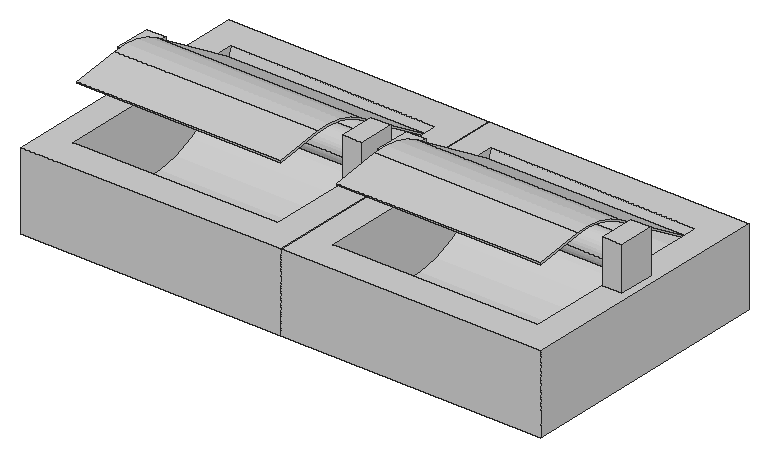
Revit family "ToiletPaperDispenser_Metlam_Double_Recessed", category Generic Models, host Face, Revit 2013
Parameters (values of type "Metlam Double Recessed - Hood / Satin")
  Width = 322 mm
  URL = "http://www.metlam.com.au/products/washroom/123"
  StyleOrType_ANZRS = "Sanitary Ware"
  Product Code = "ML 263 S"
  ModifiedIssue_ANZRS = 130318.01
  Model = "Double Recessed- Hood / Satin"
  Material Main = Stainless Steel, Satin
  Material Minor = PC/ABS Plastic
  Manufacturer = "Metlam"
  Keywords = "CAPACITY Dispenses two 1500 sheet roll"
  Hood = yes
  Height = 161 mm
  FilterObject_ANZRS = "Toilet Paper Dispenser"
  Description = "Stainless Steel Toilet Paper Dispenser"
  Depth = 75 mm
  Default Elevation = 1219.2 mm
  CreatedBy_ANZRS = "RubySketch"
  CreatedByURL_ANZRS = "http://www.rubysketch.com/"
  CreatedByPhoneNo_ANZRS = "1300 844 728"
  Assembly Code = "E1090900"
Types (5, lengths in mm): name | Product Code | Model | Material Main | Hood
  (no name) | "ML 263 S" | "Double Recessed- Hood / Satin" | Stainless Steel, Satin | yes
  Metlam Double Recessed - no Hood / Satin | "ML 262 S" | "Double Recessed - no Hood / Satin" | Stainless Steel, Satin | no
  Metlam Double Recessed - no Hood / Bright | "ML 262 B" | "Double Recessed - no Hood / Bright" | Stainless Steel, Polished | no
  Metlam Double Recessed - Hood / Satin | "ML 263 S" | "Double Recessed- Hood / Satin" | Stainless Steel, Satin | yes
  Metlam Double Recessed - Hood / Bright | "ML 263 B" | "Double Recessed - Hood / Bright" | Stainless Steel, Polished | yes
Reference planes
  plane 1 "Center (Front/Back)": y = 0
  plane 2: z = 0
  plane 3 "Center (Left/Right)": x = 0
Forms (mm)
  Extrusion 1, solid, material "Stainless Steel, Satin" <- "Material Main", detail levels fine
    sketch origin (-80.5, 0, 0) x (1, 0, 0) y (0, 1, 0)
      loop
        line (-80.5, -80.5) -> (80.5, -80.5) -> (80.5, 80.5) -> (-80.5, 80.5) -> (-80.5, -80.5)
    from 0 to -48
  Extrusion 2, void
    sketch origin (0, 0, -48) x (0, 1, 0) y (0, 0, 1)
      loop
        circle (0, 67) r 64
    from -17 to -144
  Extrusion 3, solid, material "Stainless Steel, Satin" <- "Material Main", detail levels fine
    sketch origin (-80.5, 0, 0) x (1, 0, 0) y (0, 1, 0)
      loop
        line (-63.5, -11) -> (-63.5, 11) -> (-75.5, 11) -> (-75.5, -11) -> (-63.5, -11)
      loop
        line (63.5, -11) -> (75.5, -11) -> (75.5, 11) -> (63.5, 11) -> (63.5, -11)
    from 0 to 27
  Revolve 4, solid, material "Stainless Steel, Satin" <- "Material Main", detail levels fine
    sketch origin (-80.5, 0, 13.5) x (-1, 0, 0) y (0, -1, 0)
      loop
        line (63.5, 0) -> (-63.5, 0) -> (-63.5, -9) -> (0, -9) -> (0, -10.5) -> (63.5, -10.5) -> (63.5, 0)
      axis (63.5, 0) -> (-63.5, 0)
    angle from 0 to 360
  Extrusion 5, solid, material "Stainless Steel, Satin" <- "Material Main", visible <- "Hood", detail levels fine
    sketch origin (0, 0, -48) x (0, -1, 0) y (0, 0, -1)
      loop
        line (-56.5, -45) -> (-3.5, -78)
        arc (-3.5, -78) -> (12.385, -84.399) -> (29.5, -85) r 49.478
        arc (29.5, -85) -> (43.998, -82.987) -> (58.5, -81) r 8179.705
        line (58.5, -81) -> (58.365, -80.009)
        arc (58.365, -80.009) -> (43.862, -81.996) -> (29.362, -84.01) r 8180.705
        arc (29.362, -84.01) -> (12.593, -83.421) -> (-2.971, -77.151) r 48.478
        line (-2.971, -77.151) -> (-55.971, -44.151) -> (-56.5, -45)
    from -143.5 to -17.5
  Extrusion 6, void
    sketch origin (-154.766, 0, 0) x (1, 0, 0) y (0, 1, 0)
      loop
        line (-6.234, -80.5) -> (315.766, -80.5) -> (315.766, 80.5) -> (-6.234, 80.5) -> (-6.234, -80.5)
    from -48 to 0
  Extrusion 7, solid, material "Stainless Steel, Satin" <- "Material Main", detail levels fine
    sketch origin (80.5, 0, 0) x (-1, 0, 0) y (0, -1, 0)
      loop
        line (-80.5, 80.5) -> (-80.5, -80.5) -> (80.5, -80.5) -> (80.5, 80.5) -> (-80.5, 80.5)
    from 0 to -48
  Extrusion 8, void
    sketch origin (0, 0, -48) x (0, 1, 0) y (0, 0, -1)
      loop
        circle (0, -67) r 64
    from -17 to -144
  Extrusion 9, solid, material "Stainless Steel, Satin" <- "Material Main", visible <- "Hood", detail levels fine
    sketch origin (0, 0, -48) x (0, -1, 0) y (0, 0, 1)
      loop
        line (-56.5, 45) -> (-55.971, 44.151) -> (-2.971, 77.151)
        arc (-2.971, 77.151) -> (12.593, 83.421) -> (29.362, 84.01) r 48.478
        arc (29.362, 84.01) -> (43.862, 81.996) -> (58.365, 80.009) r 8180.705
        line (58.365, 80.009) -> (58.5, 81)
        arc (58.5, 81) -> (43.998, 82.987) -> (29.5, 85) r 8179.705
        arc (29.5, 85) -> (12.385, 84.399) -> (-3.5, 78) r 49.478
        line (-3.5, 78) -> (-56.5, 45)
    from -143.5 to -17.5
  Extrusion 10, solid, material "Stainless Steel, Satin" <- "Material Main", detail levels fine
    sketch origin (80.5, 0, 0) x (-1, 0, 0) y (0, -1, 0)
      loop
        line (-63.5, 11) -> (-75.5, 11) -> (-75.5, -11) -> (-63.5, -11) -> (-63.5, 11)
      loop
        line (63.5, 11) -> (63.5, -11) -> (75.5, -11) -> (75.5, 11) -> (63.5, 11)
    from 0 to 27
  Revolve 11, solid, material "Stainless Steel, Satin" <- "Material Main", detail levels fine
    sketch origin (80.5, 0, 13.5) x (1, 0, 0) y (0, 1, 0)
      loop
        line (-63.5, 0) -> (-63.5, -10.5) -> (0, -10.5) -> (0, -9) -> (63.5, -9) -> (63.5, 0) -> (-63.5, 0)
      axis (-63.5, 0) -> (63.5, 0)
    angle from 0 to 360
Cuts and joins
  Extrusion 2, Extrusion 8 cuts Extrusion 1
  Extrusion 8 cuts Extrusion 3
  Extrusion 8 cuts Revolve 4
  joined: Extrusion 3, Revolve 4
  Extrusion 8 cuts Extrusion 5
  Extrusion 8 cuts Extrusion 7
Lines and regions (mm)
  Masking region 1
    outline origin (0, 0, 0) x (1, 0, 0) y (0, 0, 1)
      loop
        line (-161, 0) -> (-161, -48) -> (161, -48) -> (161, 0) -> (-161, 0)
  Masking region 2
    outline origin (0, 0, -48) x (1, 0, 0) y (0, 0, 1)
      loop
        line (-144, 51) -> (-80.5, 51) -> (-80.5, 72) -> (-144, 72) -> (-144, 51)
  Masking region 3
    outline origin (0, 0, -48) x (1, 0, 0) y (0, 0, 1)
      loop
        line (-80.5, 52.5) -> (-17, 52.5) -> (-17, 70.5) -> (-80.5, 70.5) -> (-80.5, 52.5)
  Masking region 4
    outline origin (0, 0, 0) x (1, 0, 0) y (0, 0, 1)
      loop
        line (-156, 0) -> (-144, 0) -> (-144, 27) -> (-156, 27) -> (-156, 0)
      loop
        line (-17, 0) -> (-5, 0) -> (-5, 27) -> (-17, 27) -> (-17, 0)
      loop
        line (5, 0) -> (17, 0) -> (17, 27) -> (5, 27) -> (5, 0)
      loop
        line (144, 0) -> (156, 0) -> (156, 27) -> (144, 27) -> (144, 0)
  Masking region 5
    outline origin (161, 0, 75) x (1, 0, 0) y (0, 0, -1)
      loop
        line (-144, 51) -> (-80.5, 51) -> (-80.5, 72) -> (-144, 72) -> (-144, 51)
  Masking region 6
    outline origin (161, 0, 75) x (1, 0, 0) y (0, 0, -1)
      loop
        line (-80.5, 52.5) -> (-17, 52.5) -> (-17, 70.5) -> (-80.5, 70.5) -> (-80.5, 52.5)
  Masking region 7, visible <- "Hood"
    outline origin (0, 0, 0) x (1, 0, 0) y (0, 0, 1)
      loop
        line (-143.5, 37.476) -> (-143.5, 0) -> (-17.5, 0) -> (-17.5, 37.476) -> (-143.5, 37.476)
      loop
        line (143.5, 37.476) -> (17.5, 37.476) -> (17.5, 0) -> (143.5, 0) -> (143.5, 37.476)
Dimensions and locks
  equal spacing: Extrusion 1 sketch curve, plane 1 "Center (Front/Back)", Extrusion 1 sketch curve
  "Height": Extrusion 1 sketch curve to Extrusion 1 sketch curve  (x2)
  "Height": Extrusion 7 sketch curve to Extrusion 7 sketch curve  (x2)
  aligned and locked: plane 2 to host face
  aligned and locked: level to host face
  aligned and locked: Masking region 1 sketch curve to cut or joined group of Extrusion 1, Extrusion 2, Extrusion 8  (x2)
  aligned and locked: cut or joined group of Extrusion 1, Extrusion 2, Extrusion 8 to Masking region 1 sketch curve
  aligned and locked: Masking region 2 sketch curve to cut or joined group of Extrusion 3, Revolve 4, Extrusion 8  (x2)
  aligned and locked: Masking region 3 sketch curve to cut or joined group of Extrusion 3, Revolve 4, Extrusion 8  (x2)
Automatic sketch dimensions
  host sketch curve to host sketch curve = 2437.456 mm
  host sketch curve to host sketch curve = 2438.4 mm
  Extrusion 1 sketch curve to plane 3 "Center (Left/Right)" = 0 mm
  Extrusion 2 sketch curve to plane 1 "Center (Front/Back)" = 0 mm
  level to Extrusion 2 sketch curve = 19 mm
  plane 1 "Center (Front/Back)" to Extrusion 3 sketch curve = 11 mm  (x2)
  Extrusion 3 sketch curve to plane 3 "Center (Left/Right)" = 156 mm
  Extrusion 3 sketch curve to plane 3 "Center (Left/Right)" = 5 mm
  Extrusion 3 sketch curve to Extrusion 3 sketch curve = 12 mm  (x2)
  Extrusion 3 sketch curve to plane 1 "Center (Front/Back)" = 11 mm  (x2)
  plane 1 "Center (Front/Back)" to Revolve 4 sketch curve = 0 mm  (x2)
  Revolve 4 sketch curve to plane 3 "Center (Left/Right)" = 17 mm
  Revolve 4 sketch curve to plane 1 "Center (Front/Back)" = 10.5 mm
  Revolve 4 sketch curve to plane 1 "Center (Front/Back)" = 9 mm
  Revolve 4 sketch curve to Revolve 4 sketch curve = 63.5 mm  (x2)
  Revolve 4 sketch curve to Revolve 4 sketch curve = 11.982 mm
  Revolve 4 sketch curve to Revolve 4 sketch curve = 17.791 mm
  plane 3 "Center (Left/Right)" to Masking region 1 sketch curve = 161 mm
  level to Masking region 2 sketch curve = 3 mm
  Masking region 2 sketch curve to Masking region 2 sketch curve = 21 mm
  level to Masking region 3 sketch curve = 4.5 mm
  Masking region 3 sketch curve to Masking region 3 sketch curve = 18 mm
  Extrusion 5 sketch curve to Extrusion 5 sketch curve = 0 mm  (x5)
  level to Extrusion 5 sketch curve = 3 mm
  plane 1 "Center (Front/Back)" to Extrusion 5 sketch curve = 56.5 mm
  level to Extrusion 5 sketch curve = 3.849 mm
  Extrusion 5 sketch curve to Extrusion 5 sketch curve = 0.529 mm  (x2)
  plane 1 "Center (Front/Back)" to Extrusion 5 sketch curve = 3.5 mm
  Extrusion 5 sketch curve to plane 1 "Center (Front/Back)" = 58.365 mm
  Extrusion 5 sketch curve to level = 33 mm
  Extrusion 5 sketch curve to Extrusion 5 sketch curve = 0.135 mm
  Extrusion 5 sketch curve to plane 1 "Center (Front/Back)" = 22.652 mm
  Extrusion 5 sketch curve to Extrusion 5 sketch curve = 29.004 mm
  Extrusion 5 sketch curve to Extrusion 5 sketch curve = 0.138 mm
  Extrusion 5 sketch curve to plane 1 "Center (Front/Back)" = 1161.652 mm
  Extrusion 6 sketch curve to plane 1 "Center (Front/Back)" = 80.5 mm
  Extrusion 6 sketch curve to plane 3 "Center (Left/Right)" = 161 mm
  plane 1 "Center (Front/Back)" to Extrusion 6 sketch curve = 80.5 mm
  plane 3 "Center (Left/Right)" to Extrusion 6 sketch curve = 161 mm
  Extrusion 7 sketch curve to plane 3 "Center (Left/Right)" = 0 mm
  Extrusion 7 sketch curve to plane 1 "Center (Front/Back)" = 80.5 mm
  Extrusion 8 sketch curve to plane 1 "Center (Front/Back)" = 0 mm
  level to Extrusion 8 sketch curve = 19 mm
  Extrusion 9 sketch curve to Extrusion 9 sketch curve = 0 mm  (x5)
  Extrusion 9 sketch curve to level = 3 mm
  Extrusion 9 sketch curve to plane 1 "Center (Front/Back)" = 56.5 mm
  Extrusion 9 sketch curve to level = 3.849 mm
  Extrusion 9 sketch curve to Extrusion 9 sketch curve = 0.529 mm  (x2)
  Extrusion 9 sketch curve to plane 1 "Center (Front/Back)" = 3.5 mm
  plane 1 "Center (Front/Back)" to Extrusion 9 sketch curve = 58.365 mm
  level to Extrusion 9 sketch curve = 33 mm
  Extrusion 9 sketch curve to Extrusion 9 sketch curve = 0.135 mm
  plane 1 "Center (Front/Back)" to Extrusion 9 sketch curve = 22.652 mm
  Extrusion 9 sketch curve to Extrusion 9 sketch curve = 29.004 mm
  Extrusion 9 sketch curve to Extrusion 9 sketch curve = 0.138 mm
  plane 1 "Center (Front/Back)" to Extrusion 9 sketch curve = 1161.652 mm
  Extrusion 10 sketch curve to plane 1 "Center (Front/Back)" = 11 mm  (x2)
  Extrusion 10 sketch curve to plane 3 "Center (Left/Right)" = 156 mm
  Extrusion 10 sketch curve to plane 3 "Center (Left/Right)" = 5 mm
  Extrusion 10 sketch curve to Extrusion 10 sketch curve = 12 mm  (x2)
  plane 1 "Center (Front/Back)" to Extrusion 10 sketch curve = 11 mm  (x2)
  plane 1 "Center (Front/Back)" to Revolve 11 sketch curve = 0 mm  (x2)
  plane 3 "Center (Left/Right)" to Revolve 11 sketch curve = 17 mm
  plane 1 "Center (Front/Back)" to Revolve 11 sketch curve = 10.5 mm
  Revolve 11 sketch curve to Revolve 11 sketch curve = 63.5 mm  (x2)
  plane 1 "Center (Front/Back)" to Revolve 11 sketch curve = 9 mm
  Revolve 11 sketch curve to Revolve 11 sketch curve = 17.791 mm
  Revolve 11 sketch curve to Revolve 11 sketch curve = 11.982 mm
  Masking region 4 sketch curve to level = 0 mm  (x4)
  level to Masking region 4 sketch curve = 27 mm  (x2)
  Masking region 4 sketch curve to plane 3 "Center (Left/Right)" = 156 mm
  Masking region 4 sketch curve to plane 3 "Center (Left/Right)" = 5 mm
  Masking region 4 sketch curve to Masking region 4 sketch curve = 12 mm  (x4)
  plane 3 "Center (Left/Right)" to Masking region 4 sketch curve = 5 mm
  Masking region 4 sketch curve to Masking region 4 sketch curve = 127 mm
  Masking region 4 sketch curve to Masking region 4 sketch curve = 0 mm
  Masking region 4 sketch curve to Masking region 4 sketch curve = 27 mm
  level to Masking region 5 sketch curve = 3 mm
  plane 3 "Center (Left/Right)" to Masking region 5 sketch curve = 17 mm
  level to Masking region 5 sketch curve = 24 mm
  Masking region 5 sketch curve to Masking region 5 sketch curve = 63.5 mm
  level to Masking region 6 sketch curve = 4.5 mm
  plane 3 "Center (Left/Right)" to Masking region 6 sketch curve = 80.5 mm
  level to Masking region 6 sketch curve = 22.5 mm
  Masking region 6 sketch curve to Masking region 6 sketch curve = 63.5 mm
  Masking region 7 sketch curve to level = 0 mm  (x2)
  Masking region 7 sketch curve to plane 3 "Center (Left/Right)" = 143.5 mm
  plane 3 "Center (Left/Right)" to Masking region 7 sketch curve = 17.5 mm
  level to Masking region 7 sketch curve = 37.476 mm
  Masking region 7 sketch curve to plane 3 "Center (Left/Right)" = 17.5 mm
  Masking region 7 sketch curve to Masking region 7 sketch curve = 126 mm
  Masking region 7 sketch curve to Masking region 7 sketch curve = 37.476 mm
  radius of Extrusion 2 sketch curve = 64 mm
  radius of Extrusion 8 sketch curve = 64 mm
